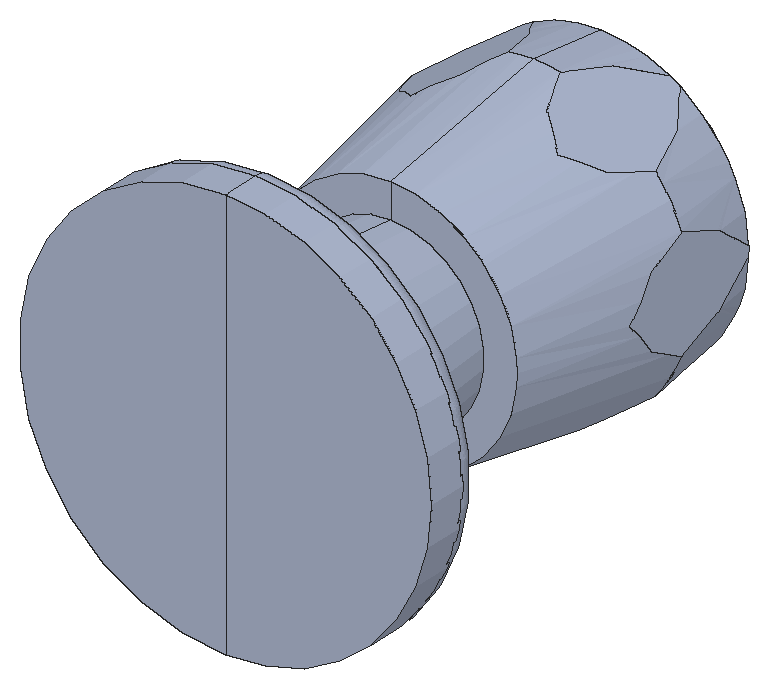
Revit family "EDE-GRF-DCH-Shelby Llave Campanola Cromo", category Aparatos sanitarios, Revit 2020
Family settings
  Anfitrión = Muro
  Cota de conector redondo = Diámetro de uso
  Tipo de pieza = Normal
  Número OmniClass = 23.45.00.00
  Título OmniClass = Sanitary, Laundry, and Cleaning Equipment
  Siempre vertical = Sí
  Corte con vacíos al cargar = No
  Compartido = No
  Punto de cálculo de habitación = No
Parameters (values of type "SHELBY LLAVE CAMPANOLA")
  _EDESA_ Materiales = "Latón"
  _EDESA_ Marca = "EDESA"
  _EDESA_ Garantía = "De por vida para el cuerpo principal y acabado en cromo (306)"
  _EDESA_ Cumple normativa ADA = ""
  _EDESA_ Conexión Hidráulica = "Entrada de agua: tubería ø 1/2\""
  _EDESA_ Tipo de instalación = "Empotrado en la pared"
  _EDESA_ Sku/código = "SG0056573061BO"
  _EDESA_ Manual de instalación = "https://www.edesa.com.ec/productos/instructivos/Griferia/Econovo_Corvus_Aries_Shelby_campanola.pdf"
  _EDESA_ Profundidad en cm = "4"
  _EDESA_ Productos necesarios para instalación = "Regadera"
  _EDESA_ Productos incluídos = ""
  _EDESA_ Peso en kg = ""
  _EDESA_ Nombre = "SHELBY LLAVE CAMPANOLA"
  _EDESA_ Distancia de instalación en cm (muro terminado) = ""
  _EDESA_ Descripción = "Llave campanola para ducha."
  _EDESA_ Contacto comercial = "(02) 395 2900"
  _EDESA_ Color = "cromo"
  _EDESA_ Certificación = "Cumple con norma NTE - INEN 3123 basada en la norma ASME 112.18.1 - 2012."
  _EDESA_ Categoría = "Productos > Grifería > Ducha"
  _EDESA_ Ancho en cm = "5"
  _EDESA_ Alto en cm = "8.2"
  _EDESA_ Consumo/capacidad de agua en L = "9.5 litros por minuto / 2.5 gpm en combinación con cualquiera de nuestras regaderas"
  URL = "https://www.edesa.com.ec/productos/fichastecnicaspdf/Edesa/Griferia/Shelby_campanola.pdf"
  Modelo = "SHELBY LLAVE CAMPANOLA"
  Fabricante = "EDESA-PREMIUM"
  Elevación por defecto = 0.00 m
Reference planes (m)
  plane 1: y = 0
  plane 2 "Centro (Izquierda/Derecha)": x = 0.125
  plane 3 "Posterior": y = 0.15
Text (m)
  text "Cara de colocación" at (-1.787139, 0.59235, 0), in view "Nivel de referencia"
  text "Cara de colocación" at (0, 1.827695, 2.917686), in view "Izquierda"
  text "Cara de colocación" at (0, 0.562268, 3.853606), in view "Derecha"
Dimensions and locks (m)
  locked: plane 3 "Posterior" to host wall
  aligned and locked: host wall to plane 1
  aligned and locked: plane 2 "Centro (Izquierda/Derecha)" to nested 1
Nested families (m)
  nested 1: "Shelvy campanola" at (0, 0, 0.144621), type "Tipo 1"
Connectors (m)
  piping at (0.125, 0.15, 1.104621), diameter 0.0127
    settings: on nested 1, index 2, connector inside diameter 609.6 mm, connector length 0.00 m, flow factor 0, pipe flow 0.15 L/s, pressure drop 0.0 Pa, fitting loss kfactor 0, connector angle 0.00°, fixture units 0, engagement length 0.00 m, angle of deflection 0.00°, flow configuration 0, flow direction 0, fitting loss method 0, system type 7, joint type 0, gender type 0, connector reference index -1, connector utility 0, adjustable connector no, is connector primary yes, connector description ""
Definition of nested family "Shelvy campanola"
  Parameters (values of type "Tipo 1")
    _RP_Eje de ubicación = 2.10 m
    Default Elevation = 0.00 m
  Reference planes (m)
    plane 1: y = 0
    plane 2 "Centro (Izquierda/Derecha)": x = 0.125
    plane 3 "Posterior": y = 0.075
    plane 4 "_RP_Eje posición": z = 2.1
    plane 5 "_RP_Eje posicióo": z = 0.96
  Forms (m)
    Revolve 1, solid
      sketch origin (0.125, 0, -0.010029) x (0, 1, 0) y (0, 0, 1)
        loop
          line (0.080563, 1.000029) -> (0.075, 1.000029) -> (0.075, 0.970029) -> (0.105, 0.970029) -> (0.105, 0.983598) -> (0.091352, 0.985049)
          arc (0.091352, 0.985049) -> (0.089656, 0.985704) -> (0.088517, 0.987122) r 0.0035
          line (0.088517, 0.987122) -> (0.083768, 0.997937)
          arc (0.083768, 0.997937) -> (0.082477, 0.99946) -> (0.080563, 1.000029) r 0.0035
        loop
          arc (0.150001, 0.970029) -> (0.148838, 0.979812) -> (0.145414, 0.989049) r 0.041722
          spline (0.145414, 0.989049) -> (0.145322, 0.9892) -> (0.145209, 0.989342) -> (0.145075, 0.989474) -> (0.144923, 0.989595) -> (0.144754, 0.989702) -> (0.14457, 0.989794) -> (0.144374, 0.989871) -> (0.144168, 0.989931) -> (0.143954, 0.989973) -> (0.143735, 0.989998) -> (0.143514, 0.990004) -> (0.143293, 0.989992)
          arc (0.143293, 0.989992) -> (0.143485, 0.989398) -> (0.14355, 0.988778) r 0.003
          line (0.14355, 0.988778) -> (0.14355, 0.970029) -> (0.150001, 0.970029)
        axis (0.150001, 0.970029) -> (0.075, 0.970029)
      angle from 0 to 360
    Revolve 2, solid
      sketch origin (0.125, 0, 0) x (0, 1, 0) y (0, 0, 1)
        loop
          line (0.105, 0.9785) -> (0.105, 0.96) -> (0.143293, 0.96) -> (0.143293, 0.981419) -> (0.13105, 0.983) -> (0.105, 0.9785)
        axis (0.105, 0.96) -> (0.143293, 0.96)
      angle from 0 to 360
    Extrusion 3, void
      sketch origin (0, 0.075, 0) x (1, 0, 0) y (0, 0, 1)
        loop
          line (0.15013, 0.96) -> (0.15013, 0.969983) -> (0.146581, 0.969983)
          arc (0.146581, 0.969983) -> (0.146403, 0.96) -> (0.146557, 0.950017) r 0.3
          line (0.146557, 0.950017) -> (0.15013, 0.950017) -> (0.15013, 0.96)
      from -0.068293 to -0.038205
    Extrusion 4, void
      sketch origin (0.893884, 0.075, 0.371747) x (0.5, 0, 0.866025) y (-0.866025, 0, 0.5)
        loop
          line (0.15013, 0.96) -> (0.15013, 0.969983) -> (0.146581, 0.969983)
          arc (0.146581, 0.969983) -> (0.146403, 0.96) -> (0.146557, 0.950017) r 0.3
          line (0.146557, 0.950017) -> (0.15013, 0.950017) -> (0.15013, 0.96)
      from -0.068293 to -0.038205
    Extrusion 5, void
      sketch origin (1.018884, 0.075, 1.331747) x (-0.5, 0, 0.866025) y (-0.866025, 0, -0.5)
        loop
          line (0.15013, 0.96) -> (0.15013, 0.969983) -> (0.146581, 0.969983)
          arc (0.146581, 0.969983) -> (0.146403, 0.96) -> (0.146557, 0.950017) r 0.3
          line (0.146557, 0.950017) -> (0.15013, 0.950017) -> (0.15013, 0.96)
      from -0.068293 to -0.038205
    Extrusion 6, void
      sketch origin (0.25, 0.075, 1.92) x (-1, 0, 0) y (0, 0, -1)
        loop
          line (0.15013, 0.96) -> (0.15013, 0.969983) -> (0.146581, 0.969983)
          arc (0.146581, 0.969983) -> (0.146403, 0.96) -> (0.146557, 0.950017) r 0.3
          line (0.146557, 0.950017) -> (0.15013, 0.950017) -> (0.15013, 0.96)
      from -0.068293 to -0.038205
    Extrusion 7, void
      sketch origin (-0.643884, 0.075, 1.548253) x (-0.5, 0, -0.866025) y (0.866025, 0, -0.5)
        loop
          line (0.15013, 0.96) -> (0.15013, 0.969983) -> (0.146581, 0.969983)
          arc (0.146581, 0.969983) -> (0.146403, 0.96) -> (0.146557, 0.950017) r 0.3
          line (0.146557, 0.950017) -> (0.15013, 0.950017) -> (0.15013, 0.96)
      from -0.068293 to -0.038205
    Extrusion 8, void
      sketch origin (-0.768884, 0.075, 0.588253) x (0.5, 0, -0.866025) y (0.866025, 0, 0.5)
        loop
          line (0.15013, 0.96) -> (0.15013, 0.969983) -> (0.146581, 0.969983)
          arc (0.146581, 0.969983) -> (0.146403, 0.96) -> (0.146557, 0.950017) r 0.3
          line (0.146557, 0.950017) -> (0.15013, 0.950017) -> (0.15013, 0.96)
      from -0.068293 to -0.038205
  Cuts and joins
    Extrusion 3, Extrusion 4, Extrusion 5, Extrusion 6, Extrusion 7, Extrusion 8 cuts Revolve 2
  Text (m)
    text "Cara de colocación" at (-1.787139, 0.59235, 0), in view "Nivel de referencia"
    text "Cara de colocación" at (0, 1.827695, 2.917686), in view "Izquierda"
    text "Cara de colocación" at (0, 0.562268, 3.853606), in view "Derecha"
  Dimensions and locks (m)
    locked: plane 3 "Posterior" to host wall at 0
    "_RP_Eje de ubicación": plane 4 "_RP_Eje posición" to level
    aligned and locked: host wall to plane 1
  Automatic sketch dimensions
    Revolve 1 sketch curve to host wall = 0.00 m
    Revolve 1 sketch curve to plane 5 "_RP_Eje posicióo" = 0.00 m  (x3)
    host wall to Revolve 1 sketch curve = 0.005563 m
    Revolve 1 sketch curve to Revolve 1 sketch curve = 0.003205 m
    Revolve 1 sketch curve to Revolve 1 sketch curve = 0.00475 m
    Revolve 1 sketch curve to Revolve 1 sketch curve = 0.002835 m
    Revolve 1 sketch curve to Revolve 1 sketch curve = 0.00037 m
    Revolve 1 sketch curve to Revolve 1 sketch curve = 0.013648 m
    Revolve 1 sketch curve to Revolve 1 sketch curve = 0.003279 m
    Revolve 1 sketch curve to Revolve 1 sketch curve = 0.009451 m
    Revolve 1 sketch curve to Revolve 1 sketch curve = 0.00145 m
    Revolve 1 sketch curve to Revolve 1 sketch curve = 0.002073 m
    Revolve 1 sketch curve to Revolve 1 sketch curve = 0.009408 m
    Revolve 1 sketch curve to Revolve 1 sketch curve = 0.001407 m
    Revolve 1 sketch curve to Revolve 1 sketch curve = 0.013245 m
    Revolve 1 sketch curve to Revolve 1 sketch curve = 0.001 m
    Revolve 1 sketch curve to Revolve 1 sketch curve = 0.000257 m  (x2)
    Revolve 1 sketch curve to Revolve 1 sketch curve = 0.001864 m
    Revolve 1 sketch curve to Revolve 1 sketch curve = 0.011755 m
    Revolve 1 sketch curve to Revolve 1 sketch curve = 0.000274 m
    Revolve 1 sketch curve to Revolve 1 sketch curve = 0.035271 m
    Revolve 1 sketch curve to Revolve 1 sketch curve = 0.013569 m
    Revolve 1 sketch curve to Revolve 1 sketch curve = 0.000271 m
    Revolve 2 sketch curve to plane 5 "_RP_Eje posicióo" = 0.00 m  (x2)
    host wall to Revolve 2 sketch curve = 0.03 m
    plane 5 "_RP_Eje posicióo" to Revolve 2 sketch curve = 0.0185 m
    Revolve 2 sketch curve to Revolve 2 sketch curve = 0.012376 m
    Revolve 2 sketch curve to Revolve 2 sketch curve = 0.02605 m
    Extrusion 3 sketch curve to Extrusion 3 sketch curve = 0.296272 m
    Extrusion 3 sketch curve to Extrusion 3 sketch curve = 0.003549 m
    plane 5 "_RP_Eje posicióo" to Revolve 2 sketch curve = 0.021419 m
    Revolve 2 sketch curve to Revolve 2 sketch curve = 0.012243 m
    Revolve 2 sketch curve to Revolve 2 sketch curve = 0.001581 m
    Revolve 2 sketch curve to Revolve 2 sketch curve = 0.021123 m
    Extrusion 3 sketch curve to Extrusion 3 sketch curve = 0.000024 m
    Extrusion 3 sketch curve to Extrusion 3 sketch curve = 0.009616 m
    Extrusion 3 sketch curve to Extrusion 3 sketch curve = 0.009983 m
    Extrusion 4 sketch curve to Extrusion 4 sketch curve = 0.296272 m
    Extrusion 4 sketch curve to Extrusion 4 sketch curve = 0.003549 m
    Extrusion 4 sketch curve to Extrusion 4 sketch curve = 0.000024 m
    Extrusion 4 sketch curve to Extrusion 4 sketch curve = 0.009616 m
    Extrusion 4 sketch curve to Extrusion 4 sketch curve = 0.009983 m
    Extrusion 5 sketch curve to Extrusion 5 sketch curve = 0.296272 m
    Extrusion 5 sketch curve to Extrusion 5 sketch curve = 0.003549 m
    Extrusion 5 sketch curve to Extrusion 5 sketch curve = 0.000024 m
    Extrusion 5 sketch curve to Extrusion 5 sketch curve = 0.009616 m
    Extrusion 5 sketch curve to Extrusion 5 sketch curve = 0.009983 m
    Extrusion 6 sketch curve to Extrusion 6 sketch curve = 0.296272 m
    Extrusion 6 sketch curve to Extrusion 6 sketch curve = 0.003549 m
    Extrusion 6 sketch curve to Extrusion 6 sketch curve = 0.000024 m
    Extrusion 6 sketch curve to Extrusion 6 sketch curve = 0.009616 m
    Extrusion 6 sketch curve to Extrusion 6 sketch curve = 0.009983 m
    Extrusion 7 sketch curve to Extrusion 7 sketch curve = 0.296272 m
    Extrusion 7 sketch curve to Extrusion 7 sketch curve = 0.003549 m
    Extrusion 7 sketch curve to Extrusion 7 sketch curve = 0.000024 m
    Extrusion 7 sketch curve to Extrusion 7 sketch curve = 0.009616 m
    Extrusion 7 sketch curve to Extrusion 7 sketch curve = 0.009983 m
    Extrusion 8 sketch curve to Extrusion 8 sketch curve = 0.296272 m
    Extrusion 8 sketch curve to Extrusion 8 sketch curve = 0.003549 m
    Extrusion 8 sketch curve to Extrusion 8 sketch curve = 0.000024 m
    Extrusion 8 sketch curve to Extrusion 8 sketch curve = 0.009616 m
    Extrusion 8 sketch curve to Extrusion 8 sketch curve = 0.009983 m
